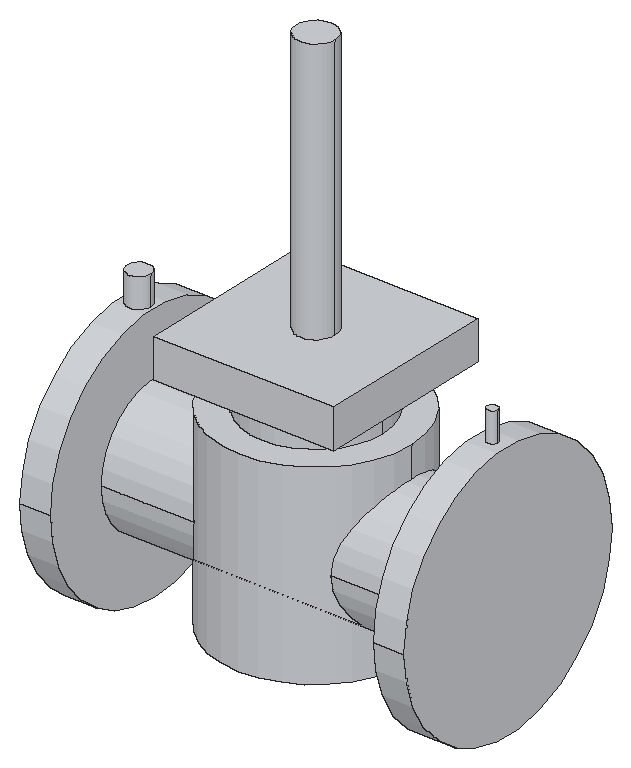
Revit family "OPTIMA_Compact_FLANGE_PN16_DN125-HF_RFA_2019", category Pipe Accessories, Revit 2019
Family settings
  Round Connector Dimension = Use Diameter
  Part Type = Valve - Breaks Into
  Work Plane-Based = No
  Always vertical = Yes
  Cut with Voids When Loaded = No
  Shared = No
Parameters (values of type "Optima Compact Flange PN16 DN125 HF")
  magiProductId = "Frese Optima Flange DN125 HF"
  magiProductFamilyId = "Frese Optima Flange *"
  magiPartTypeId = 304
  isMeasuringValve [instance] = no
  ang2D [instance] = 0.00°
  W2D = 50 mm
  VersionID = "2.0/2018.8.28.1/FRESE_OPTIMA_FLANGE_Q13_002"
  Use Minimum Symbol Size [instance] = yes
  URL = "www.hydronic.cz"
  Type Comments = "Přírubový; PN16; 0~120°C, s měřením"
  R4 = 70 mm
  R3 = 70.2 mm
  R1 = 100 mm
  QmdConnectorList = "301;D;302;D"
  Productdata [instance] = ""
  Manufacturer = "Hydronic Systems Prague s.r.o."
  MC Product Code = "53-1214 (DN125 HF; 40mm; pohon min 1000N; Qmin-dpmin 23000l/h-27.0kPa; Qmax-dpmin 135000l/h-53.0kPa; dpmax 800kPa)"
  MC Piping Given Pressure Drop [instance] = 0.0 Pa
  LF__ve = -LF  # -32 mm
  LF2 = 16 mm
  LF = 32 mm
  L4 = 188 mm
  L3 = 336 mm
  L2D_Min = 3048 mm
  L2D = 230 mm
  L2 = 200 mm
  H6 = 275.5 mm
  H4 = 40.5 mm
  H3 = 33.75 mm
  H2 = 101.25 mm
  H1 = 202.5 mm
  Description = "Tlakově nezávislý 2-cestný regulační vyvažovací ventil (PICV)"
  DF2 = 135 mm
  D = 125 mm
  CAT0 = yes
Types (14, lengths in mm): name | magiProductId | magiProductFamilyId | W2D | Type Comments | R4 | R3 | R1 | MC Product Code | LF__ve | LF2 | LF | L4 | L3 | L2D | L2 | H6 | H4 | H3 | H2 | H1 | DF2 | D
  Optima Compact Flange PN16 DN050 LF | "Frese Optima Flange DN050 LF" | "Frese Optima Flange *" | 50 | "Přírubový; PN16; 0~120°C, s měřením" | 40.3 | 42.9 | 57.5 | "53-1200 (DN50 LF; 20mm; pohon min 1000N; Qmin-dpmin 2500l/h-6.5kPa; Qmax-dpmin 15000l/h-20.0kPa; dpmax 800kPa)" | -18.4 | 9.2 | 18.4 | 108.1 | 193.2 | 230 | 115 | 157.3 | 24.8 | 20.6 | 61.9 | 123.8 | 82.5 | 50
  Optima Compact Flange PN16 DN050 HF | "Frese Optima Flange DN050 HF" | "Frese Optima Flange *" | 50 | "Přírubový; PN16; 0~120°C, s měřením" | 40.25 | 42.9 | 57.5 | "53-1210 (DN50 HF; 20mm; pohon min 1000N; Qmin-dpmin 3900l/h-19.0kPa; Qmax-dpmin 24000l/h-50.0kPa; dpmax 800kPa)" | -18.4 | 9.2 | 18.4 | 108.1 | 193.2 | 230 | 115 | 157.25 | 24.75 | 20.625 | 61.875 | 123.75 | 82.5 | 50
  Optima Compact Flange PN16 DN065 LF | "Frese Optima Flange DN065 LF" | "Frese Optima Flange *" | 50 | "Přírubový; PN16; 0~120°C, s měřením" | 50.75 | 48.1 | 72.5 | "53-1201 (DN65 LF; 20mm; pohon min 1000N; Qmin-dpmin 4400l/h-15.0kPa; Qmax-dpmin 25000l/h-25.0kPa; dpmax 800kPa)" | -23.2 | 11.6 | 23.2 | 136.3 | 243.6 | 230 | 145 | 171.25 | 27.75 | 23.125 | 69.375 | 138.75 | 92.5 | 65
  Optima Compact Flange PN16 DN065 HF | "Frese Optima Flange DN065 HF" | "Frese Optima Flange *" | 50 | "Přírubový; PN16; 0~120°C, s měřením" | 50.75 | 48.1 | 72.5 | "53-1211 (DN65 HF; 20mm; pohon min 1000N; Qmin-dpmin 6000l/h-30.0kPa; Qmax-dpmin 35000l/h-55.0kPa; dpmax 800kPa)" | -23.2 | 11.6 | 23.2 | 136.3 | 243.6 | 230 | 145 | 171.25 | 27.75 | 23.125 | 69.375 | 138.75 | 92.5 | 65
  Optima Compact Flange PN16 DN080 LF | "Frese Optima Flange DN080 LF" | "Frese Optima Flange *" | 50 | "Přírubový; PN16; 0~120°C, s měřením" | 54.25 | 52 | 77.5 | "53-1202 (DN80 LF; 20mm; pohon min 1000N; Qmin-dpmin 5300l/h-16.0kPa; Qmax-dpmin 34000l/h-25.0kPa; dpmax 800kPa)" | -24.8 | 12.4 | 24.8 | 145.7 | 260.4 | 230 | 155 | 183 | 30 | 25 | 75 | 150 | 100 | 80
  Optima Compact Flange PN16 DN080 HF | "Frese Optima Flange DN080 HF" | "Frese Optima Flange *" | 50 | "Přírubový; PN16; 0~120°C, s měřením" | 54.25 | 52 | 77.5 | "53-1212 (DN80 HF; 20mm; pohon min 1000N; Qmin-dpmin 7000l/h-23.0kPa; Qmax-dpmin 43000l/h-50.0kPa; dpmax 800kPa)" | -24.8 | 12.4 | 24.8 | 145.7 | 260.4 | 230 | 155 | 183 | 30 | 25 | 75 | 150 | 100 | 80
  Optima Compact Flange PN16 DN100 LF | "Frese Optima Flange DN100 LF" | "Frese Optima Flange *" | 50 | "Přírubový; PN16; 0~120°C, s měřením" | 61.25 | 61.1 | 87.5 | "53-1203 (DN100 LF; 40mm; pohon min 1000N; Qmin-dpmin 12100l/h-20.0kPa; Qmax-dpmin 68000l/h-35.0kPa; dpmax 800kPa)" | -28 | 14 | 28 | 164.5 | 294 | 230 | 175 | 268.75 | 35.25 | 29.375 | 88.125 | 176.25 | 117.5 | 100
  Optima Compact Flange PN16 DN100 HF | "Frese Optima Flange DN100 HF" | "Frese Optima Flange *" | 50 | "Přírubový; PN16; 0~120°C, s měřením" | 61.25 | 61.1 | 87.5 | "53-1213 (DN100 HF; 40mm; pohon min 1000N; Qmin-dpmin 14800l/h-30.0kPa; Qmax-dpmin 90000l/h-75.0kPa; dpmax 800kPa)" | -28 | 14 | 28 | 164.5 | 294 | 230 | 175 | 268.75 | 35.25 | 29.375 | 88.125 | 176.25 | 117.5 | 100
  Optima Compact Flange PN16 DN125 LF | "Frese Optima Flange DN125 LF" | "Frese Optima Flange *" | 50 | "Přírubový; PN16; 0~120°C, s měřením" | 70 | 70.2 | 100 | "53-1204 (DN125 LF; 40mm; pohon min 1000N; Qmin-dpmin 18500l/h-16.0kPa; Qmax-dpmin 110000l/h-35.0kPa; dpmax 800kPa)" | -32 | 16 | 32 | 188 | 336 | 230 | 200 | 275.5 | 40.5 | 33.75 | 101.25 | 202.5 | 135 | 125
  Optima Compact Flange PN16 DN125 HF | "Frese Optima Flange DN125 HF" | "Frese Optima Flange *" | 50 | "Přírubový; PN16; 0~120°C, s měřením" | 70 | 70.2 | 100 | "53-1214 (DN125 HF; 40mm; pohon min 1000N; Qmin-dpmin 23000l/h-27.0kPa; Qmax-dpmin 135000l/h-53.0kPa; dpmax 800kPa)" | -32 | 16 | 32 | 188 | 336 | 230 | 200 | 275.5 | 40.5 | 33.75 | 101.25 | 202.5 | 135 | 125
  Optima Compact Flange PN16 DN150 LF | "Frese Optima Flange DN150 LF" | "Frese Optima Flange *" | 50 | "Přírubový; PN16; 0~110°C, s měřením" | 84 | 74.1 | 120 | "53-1205 (DN150 LF; 43mm; pohon min 1500N; Qmin-dpmin 25600l/h-21.0kPa; Qmax-dpmin 148000l/h-35.0kPa; dpmax 800kPa)" | -38.4 | 19.2 | 38.4 | 225.6 | 403.2 | 230 | 240 | 279.25 | 42.75 | 35.625 | 106.875 | 213.75 | 142.5 | 150
  Optima Compact Flange PN16 DN150 HF | "Frese Optima Flange DN150 HF" | "Frese Optima Flange *" | 50 | "Přírubový; PN16; 0~110°C, s měřením" | 84 | 74.1 | 120 | "53-1215 (DN150 HF; 43mm; pohon min 1500N; Qmin-dpmin 32000l/h-33.0kPa; Qmax-dpmin 195000l/h-65.0kPa; dpmax 800kPa)" | -38.4 | 19.2 | 38.4 | 225.6 | 403.2 | 230 | 240 | 279.25 | 42.75 | 35.625 | 106.875 | 213.75 | 142.5 | 150
  Optima Compact Flange PN16 DN200 LF | "" | "" | 100 | "Přírubový; PN16; 0~110°C, s měřením" | 164.5 | 98.8 | 235 | "53-1206 (DN200 LF; 43mm; pohon min 1500N; Qmin-dpmin 95000l/h-11.0kPa; Qmax-dpmin 210000l/h-32.0kPa; dpmax 800kPa)" | -48 | 24 | 48 | 282 | 504 | 350 | 300 | 281 | 57 | 15 | 209 | 380 | 190 | 200
  Optima Compact Flange PN16 DN200 HF | "" | "" | 100 | "Přírubový; PN16; 0~110°C, s měřením" | 164.5 | 98.8 | 235 | "53-1216 (DN200 HF; 43mm; pohon min 1500N; Qmin-dpmin 130000l/h-31.0kPa; Qmax-dpmin 280000l/h-78.0kPa; dpmax 800kPa)" | -48 | 24 | 48 | 282 | 504 | 350 | 300 | 281 | 57 | 15 | 209 | 380 | 190 | 200
Reference planes
  plane 1 "Center (Front/Back)": y = 0
  plane 2 "XYPLANE": z = 0
  plane 3 "Center (Left/Right)": x = 0
  plane 4 "157": x = 184
  plane 5 "156": x = -184
  plane 6 "155": z = 135
  plane 7 "154": z = 175.5
  plane 8 "153": z = 135
  plane 9 "152": z = 101.25
  plane 10 "151": x = -168
  plane 11 "150": z = -101.25
  plane 12 "149": x = 0
  plane 13 "148": y = 0
  plane 14 "147": z = 0
  plane 15 "146": x = -200
  plane 16 "145": x = 200
Forms (mm)
  Extrusion 1, solid, visible <- "CAT0"
    sketch origin (-750, 0, 135) x (1, 0, 0) y (0, 1, 0)
      loop
        circle (934, 0) r 5.5
    from 0 to 30
  Extrusion 2, solid, visible <- "CAT0"
    sketch origin (-750, 0, 135) x (1, 0, 0) y (0, 1, 0)
      loop
        circle (566, 0) r 12.3
    from 0 to 30
  Extrusion 3, solid, visible <- "CAT0"
    sketch origin (-750, 0, 175.5) x (1, 0, 0) y (0, 1, 0)
      loop
        circle (750, 0) r 20
    from 0 to 275.5 <- "H6"
  Extrusion 4, solid, visible <- "CAT0"
    sketch origin (-750, 0, 135) x (1, 0, 0) y (0, 1, 0)
      loop
        line (844, 94) -> (656, 94) -> (656, -94) -> (844, -94) -> (844, 94)
    from 0 to 40.5 <- "H4"
  Extrusion 5, solid, visible <- "CAT0"
    sketch origin (-750, 0, 101.25) x (1, 0, 0) y (0, 1, 0)
      loop
        circle (750, 0) r 70
    from 0 to 33.75 <- "H3"
  Extrusion 6, solid, visible <- "CAT0"
    sketch origin (-168, -750, 0) x (0, 1, 0) y (0, 0, 1)
      loop
        circle (750, 0) r 70.2
    from 0 to 336 <- "L3"
  Extrusion 7, solid, visible <- "CAT0"
    sketch origin (-750, 0, -101.25) x (1, 0, 0) y (0, 1, 0)
      loop
        circle (750, 0) r 100
    from 0 to 202.5 <- "H1"
  Extrusion 8, solid, visible <- "CAT0"
    sketch origin (-200, -750, 0) x (0, 1, 0) y (0, 0, 1)
      loop
        circle (750, 0) r 135
    from 0 to 32 <- "LF"
  Extrusion 9, solid, visible <- "CAT0"
    sketch origin (200, -750, 0) x (0, 1, 0) y (0, 0, 1)
      loop
        circle (750, 0) r 135
    from 0 to -32 <- "LF__ve"
  Extrusion 10, solid, not visible
    sketch origin (-200, -750, 0) x (0, 1, 0) y (0, 0, 1)
      loop
        circle (750, 0) r 10
    from 0 to 10
  Extrusion 11, solid, not visible
    sketch origin (200, -750, 0) x (0, 1, 0) y (0, 0, 1)
      loop
        circle (750, 0) r 10
    from 0 to -10
Lines and regions (mm)
  reference lines, not visible
    curve 1: circle (2, 2, 0) r 1 normal (0, 0, 1)
  reference lines
    curve 2: circle (0, 0, 135) r 1 normal (0, 0, 1)
Dimensions and locks
  plane 1 "Center (Front/Back)" to curve 1 = 2 mm
  "LF2": plane 16 "145" to plane 4 "157"
  "LF2": plane 15 "146" to plane 5 "156"
  "DF2": plane 2 "XYPLANE" to plane 6 "155"
  "H4": plane 8 "153" to plane 7 "154"
  "H3": plane 9 "152" to plane 8 "153"
  "H1": plane 11 "150" to plane 9 "152"
  "LF": plane 15 "146" to plane 10 "151"
  "H2": plane 2 "XYPLANE" to plane 11 "150"
  locked: plane 3 "Center (Left/Right)" to plane 12 "149"
  locked: plane 1 "Center (Front/Back)" to plane 13 "148"
  locked: plane 2 "XYPLANE" to plane 14 "147"
  "L2": plane 3 "Center (Left/Right)" to plane 15 "146"
  "L2": plane 3 "Center (Left/Right)" to plane 16 "145"
  equal spacing: Extrusion 4 sketch curve, curve 2, Extrusion 4 sketch curve  (x2)
  "L4": Extrusion 4 sketch curve to Extrusion 4 sketch curve  (x2)
  Extrusion 4 sketch curve to Extrusion 4 sketch curve = 0 mm  (x8)
  "R4": radius of Extrusion 5 sketch curve
  "R3": radius of Extrusion 6 sketch curve
  "R1": radius of Extrusion 7 sketch curve
  "DF2": radius of Extrusion 8 sketch curve
  "DF2": radius of Extrusion 9 sketch curve
  aligned and locked: level to plane 2 "XYPLANE"
  aligned and locked: plane 4 "157" to Extrusion 1 sketch curve
  aligned and locked: plane 13 "148" to Extrusion 1 sketch curve
  aligned and locked: plane 5 "156" to Extrusion 2 sketch curve
  aligned and locked: plane 13 "148" to Extrusion 2 sketch curve
  aligned and locked: plane 12 "149" to Extrusion 3 sketch curve
  aligned and locked: plane 13 "148" to Extrusion 3 sketch curve
  aligned and locked: plane 12 "149" to curve 2
  aligned and locked: plane 13 "148" to curve 2
  aligned and locked: plane 12 "149" to Extrusion 5 sketch curve
  aligned and locked: plane 13 "148" to Extrusion 5 sketch curve
  aligned and locked: Extrusion 6 sketch curve to plane 13 "148"
  aligned and locked: plane 14 "147" to Extrusion 6 sketch curve
  aligned and locked: plane 12 "149" to Extrusion 7 sketch curve
  aligned and locked: plane 13 "148" to Extrusion 7 sketch curve
  aligned and locked: Extrusion 8 sketch curve to plane 13 "148"
  aligned and locked: plane 14 "147" to Extrusion 8 sketch curve
  aligned and locked: Extrusion 9 sketch curve to plane 13 "148"
  aligned and locked: plane 14 "147" to Extrusion 9 sketch curve
  aligned and locked: Extrusion 10 sketch curve to plane 13 "148"
  aligned and locked: plane 14 "147" to Extrusion 10 sketch curve
  aligned and locked: Extrusion 11 sketch curve to plane 13 "148"
  aligned and locked: plane 14 "147" to Extrusion 11 sketch curve
Automatic sketch dimensions
  Extrusion 1 sketch curve to plane 4 "157" = 5.5 mm
  plane 15 "146" to Extrusion 2 sketch curve = 3.7 mm
  Extrusion 3 sketch curve to plane 3 "Center (Left/Right)" = 20 mm
  plane 1 "Center (Front/Back)" to Extrusion 10 sketch curve = 10 mm
  plane 1 "Center (Front/Back)" to Extrusion 11 sketch curve = 10 mm
  plane 3 "Center (Left/Right)" to curve 1 = 2 mm
  plane 10 "151" to Extrusion 4 sketch curve = 74 mm
  plane 1 "Center (Front/Back)" to Extrusion 4 sketch curve = 94 mm
  radius of curve 2 = 1 mm
  radius of curve 1 = 1 mm
Connectors
  piping at (-200, 0, 0), diameter 125, driven by "D"
    settings: on Extrusion 10, index 1, connector inside diameter 609.6 mm, connector length 0 mm, flow factor 0, pipe flow 0.0 L/s, pressure drop 0.0 Pa, fitting loss kfactor 0, connector angle 0.00°, fixture units 0, engagement length 0 mm, angle of deflection 0.00°, flow configuration 0, flow direction 0, fitting loss method 0, system type 29, joint type 0, gender type 0, connector reference index 2, connector utility 0, adjustable connector no, is connector primary yes, connector description ""
  piping at (200, 0, 0), diameter 125, driven by "D"
    settings: on Extrusion 11, index 2, connector inside diameter 609.6 mm, connector length 0 mm, flow factor 0, pipe flow 0.0 L/s, pressure drop 0.0 Pa, fitting loss kfactor 0, connector angle 0.00°, fixture units 0, engagement length 0 mm, angle of deflection 0.00°, flow configuration 0, flow direction 0, fitting loss method 0, system type 29, joint type 0, gender type 0, connector reference index 1, connector utility 0, adjustable connector no, is connector primary no, connector description ""
